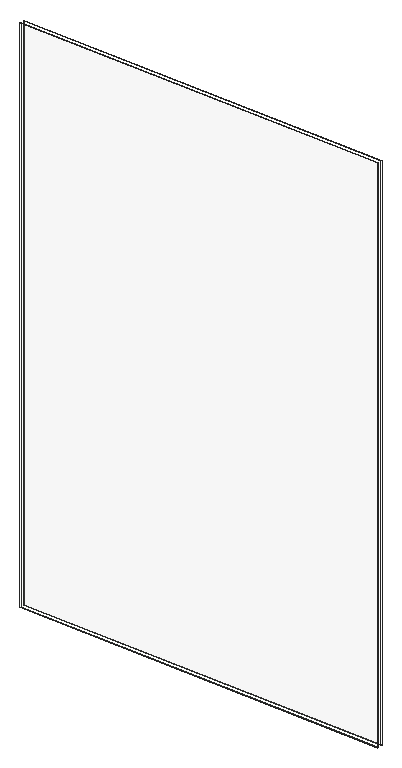
Revit family "Building-Materials_Glass-Glazing_Vitro-Architectural-Glass_Optigray-Glass", category Curtain Panels, Revit 2026
Family settings
  Classification Number = 23.25.20.14.11.11.17
  Always vertical = Yes
  Cut with Voids When Loaded = No
  Shared = No
Parameters (values of type "Optigray + Clear")
  Visual Light Transmittance = 0.56
  UV Light Transmittance = 0.27
  URL = "https://www.vitroglazings.com/"
  U-Value Argon (Winter Night) = 0.4500 BTU/(h·ft²·°F)
  U-Value Argon (Summer Day) = 0.4800 BTU/(h·ft²·°F)
  U-Value Air (Winter Night) = 0.4700 BTU/(h·ft²·°F)
  U-Value Air (Summer Day) = 0.5000 BTU/(h·ft²·°F)
  Total Thickness = Airspace Thickness + [1st Lite Thickness] + [2nd Lite Thickness]  # 0' - 1"
  Thermal Resistance (R) = 8.3333 (h·ft²·°F)/BTU  # constant formula
  Solar Light Transmittance = 0.41
  Solar Heat Gain Coefficient = 0.52
  Shadow Coefficient = 0.6
  Reflectance (Visible Interior) = 13
  Reflectance (Visible Exterior) = 10
  Product data url = "https://www.bimobject.com/vitroarchictecturalglass/product/optigray-glass"
  Product Page URL = "https://www.vitroglazings.com/products/performance-tinted-glass/gray-bronze-tinted-glass/optigray-glass/"
  Product Guid = "87b7abbd-c069-453f-a496-ebe30e1be767"
  Model = "Optigray + Clear"
  Manufacturer = "Vitro Architectural Glass "  # constant formula
  Light to Solar Gain = 1.08
  Keynote = "08900"  # constant formula
  Interior Glass Material = Vitro Architectural-Glass - Clear
  ISO Damage Weighted Transmittance = 0.481
  Heat Transfer Coefficient (U) = 0.2900 BTU/(h·ft²·°F)  # constant formula
  Glass Code = 2
  Finish = "Glass"  # constant formula
  Exterior Glass Material = Vitro Architectural-Glass - Optigray
  Description = "Optigray® glass is designed to eliminate the green cast typically found in conventional clear glass formulations. It produces a warm, ultra‑neutral aesthetic that brings crispness to vision glazing."  # constant formula
  Define Thermal Properties by = Schematic Type
  Assembly Code = "B2020220"
  Analytic Construction = "Low-E double glazing (1/4 in + 1/4 in)"
  Airspace Thickness = 0' - 0 1/2"  # constant formula
  2nd Lite Thickness = 0' - 0 1/4"  # constant formula
  1st Lite Thickness = 0' - 0 1/4"  # constant formula
Types (11): name | Visual Light Transmittance | UV Light Transmittance | U-Value Argon (Winter Night) | U-Value Argon (Summer Day) | U-Value Air (Winter Night) | U-Value Air (Summer Day) | Solar Light Transmittance | Solar Heat Gain Coefficient | Shadow Coefficient | Reflectance (Visible Interior) | Reflectance (Visible Exterior) | Model | Light to Solar Gain | Interior Glass Material | ISO Damage Weighted Transmittance | Glass Code | Exterior Glass Material
  Optigray + Clear | 0.56 | 0.27 | 0.4500 BTU/(h·ft²·°F) | 0.4800 BTU/(h·ft²·°F) | 0.4700 BTU/(h·ft²·°F) | 0.5000 BTU/(h·ft²·°F) | 0.41 | 0.52 | 0.6 | 13 | 10 | "Optigray + Clear" | 1.08 | Vitro Architectural-Glass - Clear | 0.481 | 2 | Vitro Architectural-Glass - Optigray
  Optigray + Sungate 400 (3) Clear | 0.54 | 0.16 | 0.2800 BTU/(h·ft²·°F) | 0.2600 BTU/(h·ft²·°F) | 0.3200 BTU/(h·ft²·°F) | 0.3100 BTU/(h·ft²·°F) | 0.34 | 0.46 | 0.52 | 12 | 9 | "Optigray + Sungate 400 (3) Clear" | 1.17 | Vitro Architectural-Glass - Sungate 400 (3) Clear | 0.428 | 3 | Vitro Architectural-Glass - Optigray
  Solarban 60 (2) Optigray  + Clear | 0.5 | 0.1 | 0.2400 BTU/(h·ft²·°F) | 0.2200 BTU/(h·ft²·°F) | 0.2900 BTU/(h·ft²·°F) | 0.2700 BTU/(h·ft²·°F) | 0.23 | 0.3 | 0.35 | 11 | 8 | "Solarban 60 (2) Optigray  + Clear" | 1.67 | Vitro Architectural-Glass - Clear | 0.375 | 4 | Vitro Architectural-Glass - Solarban 60 (2) Optigray
  Optigray + Solarban 60 (3) Clear | 0.5 | 0.1 | 0.2400 BTU/(h·ft²·°F) | 0.2200 BTU/(h·ft²·°F) | 0.2900 BTU/(h·ft²·°F) | 0.2700 BTU/(h·ft²·°F) | 0.23 | 0.35 | 0.4 | 9 | 8 | "Optigray + Solarban 60 (3) Clear" | 1.43 | Vitro Architectural-Glass - Solarban 60 (3) Clear | 0.375 | 5 | Vitro Architectural-Glass - Optigray
  Solarban 67 (2) Optigray  + Clear | 0.38 | 0.06 | 0.2400 BTU/(h·ft²·°F) | 0.2200 BTU/(h·ft²·°F) | 0.2900 BTU/(h·ft²·°F) | 0.2700 BTU/(h·ft²·°F) | 0.17 | 0.24 | 0.27 | 15 | 12 | "Solarban 67 (2) Optigray  + Clear" | 1.58 | Vitro Architectural-Glass - Clear | 0.28 | 6 | Vitro Architectural-Glass - Solarban 67 (2) Optigray
  Optigray + Solarban 67 (3) Clear | 0.38 | 0.06 | 0.2400 BTU/(h·ft²·°F) | 0.2200 BTU/(h·ft²·°F) | 0.2900 BTU/(h·ft²·°F) | 0.2700 BTU/(h·ft²·°F) | 0.17 | 0.32 | 0.36 | 18 | 10 | "Optigray + Solarban 67 (3) Clear" | 1.19 | Vitro Architectural-Glass - Solarban 67 (3) Clear | 0.28 | 7 | Vitro Architectural-Glass - Optigray
  Solarban 70 (2) Optigray  + Clear | 0.46 | 0.04 | 0.2400 BTU/(h·ft²·°F) | 0.2100 BTU/(h·ft²·°F) | 0.2800 BTU/(h·ft²·°F) | 0.2600 BTU/(h·ft²·°F) | 0.17 | 0.23 | 0.26 | 13 | 9 | "Solarban 70 (2) Optigray  + Clear" | 2 | Vitro Architectural-Glass - Clear | 0.306 | 8 | Vitro Architectural-Glass - Solarban 70 (2) Optigray
  Optigray + Solarban 70 (3) | 0.46 | 0.04 | 0.2400 BTU/(h·ft²·°F) | 0.2100 BTU/(h·ft²·°F) | 0.2800 BTU/(h·ft²·°F) | 0.2600 BTU/(h·ft²·°F) | 0.17 | 0.28 | 0.32 | 12 | 9 | "Optigray + Solarban 70 (3)" | 1.64 | Vitro Architectural-Glass - Solarban 70 (3) | 0.305 | 9 | Vitro Architectural-Glass - Optigray
  Solarban R100 (2) Optigray + Clear | 0.29 | 0.06 | 0.2500 BTU/(h·ft²·°F) | 0.2200 BTU/(h·ft²·°F) | 0.2900 BTU/(h·ft²·°F) | 0.2700 BTU/(h·ft²·°F) | 0.13 | 0.2 | 0.23 | 13 | 18 | "Solarban R100 (2) Optigray + Clear" | 1.45 | Vitro Architectural-Glass - Clear | 0.234 | 10 | Vitro Architectural-Glass - Solarban R100 (2) Optigray
  Solarban 90 (2) Optigray  + Clear | 0.36 | 0.04 | 0.2400 BTU/(h·ft²·°F) | 0.2100 BTU/(h·ft²·°F) | 0.2900 BTU/(h·ft²·°F) | 0.2700 BTU/(h·ft²·°F) | 0.13 | 0.2 | 0.23 | 19 | 8 | "Solarban 90 (2) Optigray  + Clear" | 1.8 | Vitro Architectural-Glass - Clear | 0.252 | 11 | Vitro Architectural-Glass - Solarban 90 (2) Optigray
  Optigray + Solarban 90 (3) Clear | 0.36 | 0.04 | 0.2400 BTU/(h·ft²·°F) | 0.2100 BTU/(h·ft²·°F) | 0.2900 BTU/(h·ft²·°F) | 0.2700 BTU/(h·ft²·°F) | 0.13 | 0.27 | 0.31 | 11 | 12 | "Optigray + Solarban 90 (3) Clear" | 1.33 | Vitro Architectural-Glass - Solarban 90 (3) Clear | 0.251 | 12 | Vitro Architectural-Glass - Optigray
Reference planes (in)
  plane 1 "Front": y = 0
  plane 2: z = 0
  plane 3 "Center (Left/Right)": x = 0
  plane 4 "Left": x = -32.75106
  plane 5 "Right": x = 32.75106
  plane 6 "Top": z = 96
  plane 7: y = 0.25
  plane 8: y = -0.25
Forms (in)
  Extrusion 1, solid, material "Vitro Architectural-Glass - Clear" <- "Interior Glass Material"
    sketch origin (0, 0.5, 0) x (1, 0, 0) y (0, 1, 0)
      loop
        line (-32.75106, 0) -> (-32.75106, -0.25) -> (32.75106, -0.25) -> (32.75106, 0) -> (-32.75106, 0)
    from 0 to 96
  Extrusion 2, solid, material "Vitro Architectural-Glass - Optigray" <- "Exterior Glass Material"
    sketch origin (0, -0.5, 0) x (1, 0, 0) y (0, 1, 0)
      loop
        line (-32.75106, 0.25) -> (-32.75106, 0) -> (32.75106, 0) -> (32.75106, 0.25) -> (-32.75106, 0.25)
    from 0 to 96
Text (in)
  text "Exterior" at (-54.29358, 31.38743, 0), in view "Ref. Level"
  text "Exterior" at (480, 41.53993, 89.60405), in view "Right"
  text "Exterior" at (-240, 57.82419, 105.78864), in view "Left"
Dimensions and locks (in)
  equal spacing: plane 4 "Left", plane 3 "Center (Left/Right)", plane 5 "Right"
  "2nd Lite Thickness": Extrusion 2 sketch curve to Extrusion 2 sketch curve
  equal spacing: plane 7, plane 1 "Front", plane 8
  "Airspace Thickness": plane 7 to plane 8
  "1st Lite Thickness": Extrusion 1 sketch curve to plane 7
  "Total Thickness": Extrusion 2 to Extrusion 1
  aligned and locked: level to plane 2
  aligned and locked: Extrusion 1 sketch curve to plane 4 "Left"
  aligned and locked: plane 5 "Right" to Extrusion 1 sketch curve
  aligned and locked: plane 5 "Right" to Extrusion 2 sketch curve
  aligned and locked: Extrusion 2 sketch curve to plane 4 "Left"
  aligned and locked: Extrusion 1 to plane 6 "Top"
  aligned and locked: Extrusion 1 to level
  aligned and locked: Extrusion 2 to plane 6 "Top"
  aligned and locked: Extrusion 2 to level
  aligned and locked: plane 8 to Extrusion 2
  aligned and locked: plane 7 to Extrusion 1 sketch curve
  aligned and locked: Extrusion 2 sketch curve to plane 8
